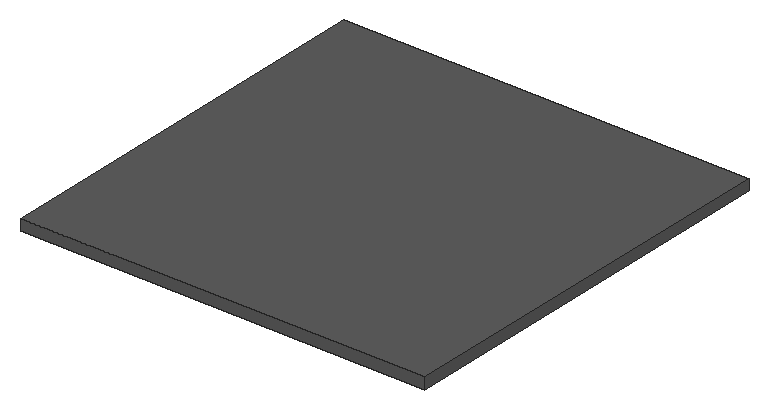
Revit family "Signage_Plaque_Gemini_Standard-Cast_NB", category Generic Models, Revit 2026
Family settings
  Can host rebar = No
  Round Connector Dimension = Use Diameter
  Part Type = Normal
  Classification Number = 23.40.90.11.24
  Work Plane-Based = Yes
  Always vertical = No
  Cut with Voids When Loaded = No
  Maintain Annotation Orientation = No
  Shared = No
  Room Calculation Point = No
Parameters (values of type "Bronze")
  Warranty Duration (Years) = 0
  Unit Width [instance] = 0' - 9"
  Unit Height [instance] = 0' - 9"
  Unit Depth [instance] = 0' - 0 1/4"
  URL = "http://www.geminisignproducts.com/"
  Specification = "http://www.arcat.com/sdspecs/htm04/10_14_00gem.htm"
  SpecWizard = ""
  Sign Text [instance] = "as Specified"
  Send Message = ""
  Sales Information = "http://www.geminisignproducts.com/en/contact-us/"
  Revision = "R1_2015-10"
  Product Properties = ""
  Product Data = "http://www.arcat.com/arcatcos/cos32/arc32715.html"
  Mounting Method [instance] = "as Specified"
  Model = "Bronze No Border"
  Manufacturer Website = "http://www.geminisignproducts.com/"
  Manufacturer Phone - Toll Free = "800-538-8377"
  Manufacturer Phone = "507-263-3957"
  Manufacturer Fax = "800-421-1256"
  Manufacturer Address = "103 Mensing Way   Cannon Falls, MN 55009"
  Manufacturer = "Gemini Inc"
  Maintenance Schedule (Months) = 0
  Keynote = "10400"
  Installation-Fabrication = ""
  Installation Phase = ""
  Green Building-LEED = "http://www.arcat.com/green/clients/leed_data_32715.html"
  Frame Material = Metal - Gemini - Bronze
  Frame Finish [instance] = Metal - Gemini - Black Background
  Expected Lifespan (Years) = 0
  Drawn By = "Sumex Design, Inc. / Robert S. Weygant, CSI, CDT, SCIP"
  Description = "Gemini Cast Plaque as Specified - Bronze No Border"
  Default Elevation = 0' - 0"
  Copyright = "©Arcat Inc."
  Construction Details = ""
  Border Design = No Border : No Border
  Assembly Code = "E1090900"
  Accent Material [instance] = Metal - Gemini - Edge Accent
Types (3): name | Model | Frame Material | Description
  (no name) | "Bronze No Border" | Metal - Gemini - Bronze | "Gemini Cast Plaque as Specified - Bronze No Border"
  Bronze | "Bronze No Border" | Metal - Gemini - Bronze | "Gemini Cast Plaque as Specified - Bronze No Border"
  Aluminum | "Aluminum No Border" | Metal - Gemini - Aluminum | "Gemini Cast Plaque as Specified - Aluminum No Border"
Reference planes (in)
  plane 1 "Center (Front/Back)": y = 0
  plane 2 "Bottom": z = 0
  plane 3 "Center (Left/Right)": x = 0
  plane 4 "Front": y = -4.5
  plane 5 "Back": y = 4.5
  plane 6 "Left": x = -4.5
  plane 7 "Right": x = 4.5
  plane 8 "Top": z = 32
Dimensions and locks (in)
  equal spacing: plane 6 "Left", plane 3 "Center (Left/Right)", plane 7 "Right"
  "Unit Width": plane 6 "Left" to plane 7 "Right"
  equal spacing: plane 5 "Back", plane 1 "Center (Front/Back)", plane 4 "Front"
  "Unit Height": plane 5 "Back" to plane 4 "Front"
  locked: plane 8 "Top" to level at 32
  aligned and locked: plane 3 "Center (Left/Right)" to nested 1
  aligned and locked: plane 1 "Center (Front/Back)" to nested 1
Nested families (in)
  nested 1: "No Border" at (0, 0, 0), width <- "Unit Width", height <- "Unit Height", depth <- "Unit Depth", background <- "Frame Finish", accent <- "Accent Material", type <- "Border Design", type "No Border"
    with width 0' - 9", height 0' - 9", depth 0' - 0 1/4", background Metal - Gemini - Black Background, accent Metal - Gemini - Edge Accent
Definition of nested family "No Border"
  Parameters
    width [instance] = 1' - 0"
    height [instance] = 1' - 0"
    depth [instance] = 0' - 0 1/2"
    background [instance] = none
    accent [instance] = none
    Default Elevation = 4' - 0"
  Reference planes (in)
    plane 1 "Center (Front/Back)": y = 0
    plane 2: z = 0
    plane 3 "Center (Left/Right)": x = 0
    plane 4: x = -6
    plane 5: x = 6
    plane 6: y = 6
    plane 7: y = -6
  Forms (in)
    Extrusion 1, solid, material <- "background"
      sketch origin (0, 0, 0) x (1, 0, 0) y (0, 1, 0)
        loop
          line (-6, 6) -> (-6, -6) -> (6, -6) -> (6, 6) -> (-6, 6)
      from 0 to 0.5 <- "depth"
  Dimensions and locks (in)
    equal spacing: plane 4, plane 3 "Center (Left/Right)", plane 5
    equal spacing: plane 6, plane 1 "Center (Front/Back)", plane 7
    "height": plane 6 to plane 7
    "width": plane 4 to plane 5
    aligned and locked: plane 2 to level
    aligned and locked: Extrusion 1 sketch curve to plane 6
    aligned and locked: plane 4 to Extrusion 1 sketch curve
    aligned and locked: plane 7 to Extrusion 1 sketch curve
    aligned and locked: Extrusion 1 sketch curve to plane 5
